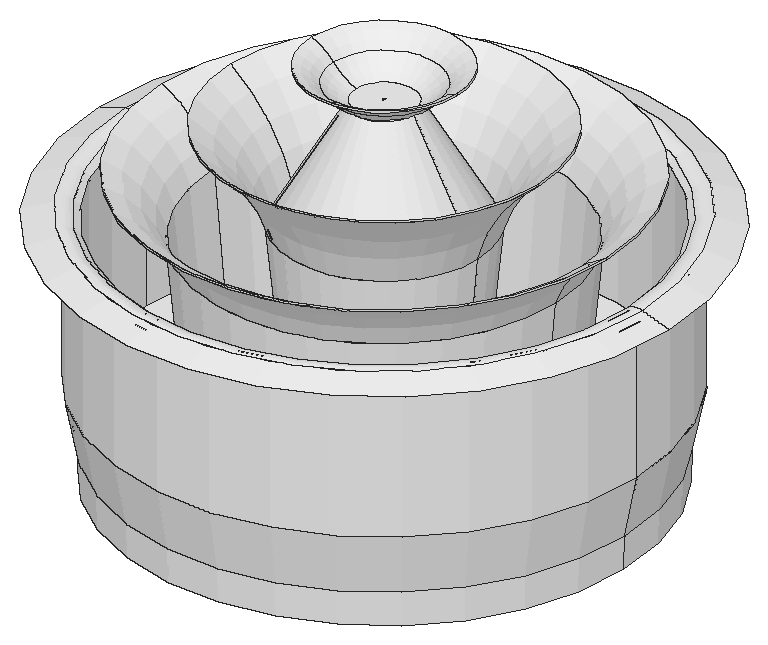
Revit family
Parameters
  URL = "http://www.productspec.net/products/32037/holyoake-industries/diffusers-jd.aspx"
  Type Comments = "Jet Diffuser"  # constant formula
  Radius = E / 2  # 174.2 mm
  Overall Height = A + B  # 225.0 mm
  Model = "JD-300"  # constant formula
  Manufacturer = "Holyoake Industries Ltd"  # constant formula
  Engineering Data [instance] = "http://www.productspec.net/nas/TechnicalFiles/2367/p32037/D3-D4 JD.pdf"
  E = 348.4 mm
  Duct Radius = C / 2  # 147.0 mm
  Diffuser [instance] = Aluminium - Holyoake
  Description = "Designed to provide an attractive option for air conditioning large areas."  # constant formula
  D = 319.0 mm
  Created By = "Productspec Ltd"  # constant formula
  C = 294.0 mm
  B = 140.0 mm
  Author = "DZZ"  # constant formula
  Airflow Rate [instance] = 0.0 L/s
  A = 85.0 mm
Reference planes
  plane 1 "Center (Front/Back)": y = 0
  plane 2: z = 0
  plane 3 "Center (Left/Right)": x = 0
  plane 4: z = 85
  plane 5: z = -140
  plane 6: y = -174.2
  plane 7: y = 174.2
  plane 8: y = 147
  plane 9: y = -147
  plane 10: y = 159.5
  plane 11: y = -159.5
Forms (mm)
  Sweep 1, solid, material "Aluminium - Holyoake" <- "Diffuser"
    path origin (0, 0, 0) x (1, 0, 0) y (0, 1, 0)
      loop
        circle (0, 0) r 174.2
    profile "Holyoake_JetDiffuser_JD300_Profile : Holyoake_JetDiffuser_JD_Profile" origin (0, 174.2, 0) x (0, -1, 0) y (0, 0, 1)
      loop
        line (173.5, -140) -> (173.5, -139) -> (131.773, -139) -> (118.113, -2.739) -> (156.657, 63.205) -> (173.5, 63.205) -> (173.5, 66.205) -> (156.7, 66.205)
        arc (156.7, 66.205) -> (149.275, 70.248) -> (142.925, 75.83) r 38.1
        arc (142.925, 75.83) -> (136.983, 81.304) -> (129.8, 85) r 30.1
        line (129.8, 85) -> (129.8, 83.937)
        arc (129.8, 83.937) -> (136.565, 80.375) -> (142.169, 75.174) r 29.1
        arc (142.169, 75.174) -> (148.773, 69.379) -> (156.505, 65.205) r 39.1
        line (156.505, 65.205) -> (172.5, 65.205) -> (172.5, 64.205) -> (156.081, 64.205) -> (117.942, -1.04)
        arc (117.942, -1.04) -> (103.504, 29.031) -> (80, 52.7) r 100.246
        line (80, 52.7) -> (80, 51.467)
        arc (80, 51.467) -> (102.867, 28.201) -> (116.955, -1.221) r 99.247
        line (116.955, -1.221) -> (128.22, -113.7) -> (80, -113.7) -> (69.917, -8.339)
        arc (69.917, -8.339) -> (57.628, 12.767) -> (38, 27.3) r 60.544
        line (38, 27.3) -> (38, 26.199)
        arc (38, 26.199) -> (56.997, 11.977) -> (68.931, -8.536) r 59.547
        line (68.931, -8.536) -> (77.496, -98.3) -> (28.2, -98.3) -> (28.2, 1.288)
        arc (28.2, 1.288) -> (26.569, 2.859) -> (24.847, 4.331) r 38.147
        arc (24.847, 4.331) -> (20.6, 6.184) -> (15.969, 6.044) r 10.58
        line (15.969, 6.044) -> (-0.2, 1.041) -> (5.3, 0) -> (15.65, 0)
        arc (15.65, 0) -> (18.478, -1.172) -> (19.65, -4) r 4
        line (19.65, -4) -> (19.65, -87.23) -> (26.729, -121.367) -> (27.226, -140) -> (173.5, -140)
      loop
        line (3.63, 1) -> (15.65, 1)
        arc (15.65, 1) -> (19.186, -0.464) -> (20.65, -4) r 5
        line (20.65, -4) -> (20.65, -87.1) -> (27.725, -121.227) -> (28.2, -139) -> (130.768, -139) -> (128.321, -114.7) -> (79.093, -114.7) -> (77.593, -99.3) -> (27.2, -99.3) -> (27.2, 0.018)
        arc (27.2, 0.018) -> (25.688, 1.494) -> (24.093, 2.88) r 36.545
        arc (24.093, 2.88) -> (20.32, 4.604) -> (16.175, 4.441) r 8.951
        line (16.175, 4.441) -> (3.63, 1)
Dimensions and locks
  "A": plane 4 to plane 2
  "B": plane 2 to plane 5
  "E": plane 7 to plane 6
  equal spacing: plane 7, plane 1 "Center (Front/Back)", plane 6
  equal spacing: plane 8, plane 1 "Center (Front/Back)", plane 9
  equal spacing: plane 10, plane 1 "Center (Front/Back)", plane 11
  "C": plane 8 to plane 9
  "D": plane 10 to plane 11
  "Radius": radius of Sweep 1 sketch curve
Automatic sketch dimensions
  plane 1 "Center (Front/Back)" to Sweep 1 sketch curve = 0.0 mm
  Sweep 1 sketch curve to plane 3 "Center (Left/Right)" = 0.0 mm
Connectors
  hvac at (0, 0, -139), driven by "Duct Radius", driven by "Airflow Rate"
    settings: on Sweep 1, index 1
